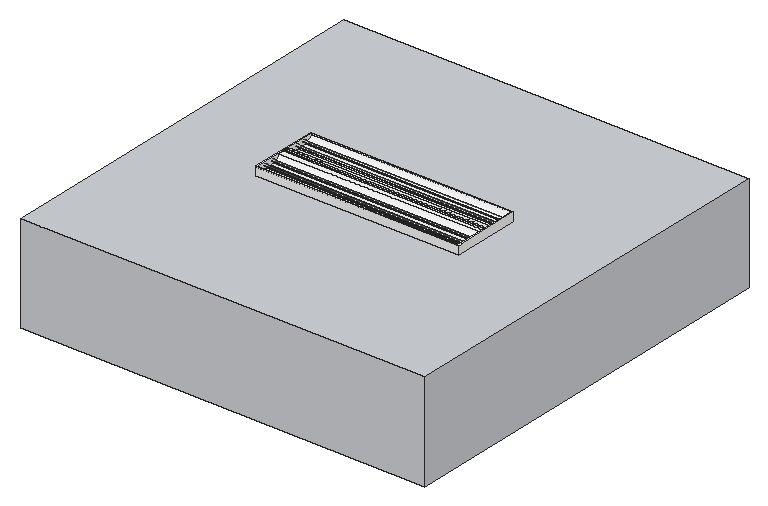
Revit family "LHV4", category Lighting Fixtures, host Face, Revit 2012
Parameters (values of type "LHV4-854-M4RU")
  Wattage Comments = "235W"
  Wattage = 235 W
  built-in parameter 1150110 = 1 (stored number, unit not read)
  URL = "http://www.columbialighting.com/"
  built-in parameter 1114217 = 1 (stored number, unit not read)
  Tilt Angle = -90.00°
  built-in parameter 1150109 = 1 (stored number, unit not read)
  built-in parameter 1150134 = (empty or 0)
  built-in parameter 1150113 = 1 (stored number, unit not read)
  Product Page URL = "http://www.columbialighting.com/products/lhv"
  Product Documentation Link = "http://www.columbialighting.com/content/products/specs/specs_files/lhv4_4.pdf"
  Photometric Web File = "15188"
  Model = "LHV4"  # constant formula
  Manufacturer Phone = "864-678-1000"  # constant formula
  Manufacturer Fax = "866-898-1065"  # constant formula
  Manufacturer = "Columbia Lighting"  # constant formula
  built-in parameter 1150105 = 1271.6 (stored number, unit not read)
  Lumens = 15980 lm
  built-in parameter 1150115 = 1 (stored number, unit not read)
  built-in parameter 1150137 = (empty or 0)
  built-in parameter 1150139 = (empty or 0)
  built-in parameter 1150112 = 1 (stored number, unit not read)
  built-in parameter 1150114 = 1 (stored number, unit not read)
  Lamp = "F54T5"
  built-in parameter 1150132 = (empty or 0)
  built-in parameter 1150102 = (empty or 0)
  built-in parameter 1150107 = 4450 (stored number, unit not read)
  built-in parameter 1150138 = (empty or 0)
  built-in parameter 1150106 = 12.716 (stored number, unit not read)
  Glass = Glass
  Emit from Line Length = 48.000"
  built-in parameter 1150104 = 6.3174 (stored number, unit not read)
  Dimming Lamp Color Temperature Shift = <None>
  Description = "VersaBay® luminaires are the new industry standard for fluorescent high bay lighting with Advanced Thermal Management, serviceability, and performance that is unrivaled in the marketplace."  # constant formula
  Default Elevation = 48.000"
  Color Filter = 16777215
  built-in parameter 1114218 = 1 (stored number, unit not read)
  Backbox = White
  built-in parameter 1150133 = 10 (stored number, unit not read)
  Apparent Load = 0 VA
Types (26): name | Photometric Web File
  LHV4-432-GWST | "14614"
  LHV4-432-GWU | "14617"
  LHV4-432-M4RST | "14621"
  LHV4-432-M4RU | "14619"
  LHV4-454-GWST | "14630"
  LHV4-454-GWU | "ITL58529"
  LHV4-454-M4RST | "14634"
  LHV4-454-M4RU | "14633"
  LHV4-632-GWST | "14579"
  LHV4-632-GWU | "14564"
  LHV4-632-M4RST | "14578"
  LHV4-632-M4RU | "14573"
  LHV4-632-M4RU-CPWG | "15212"
  LHV4-654-GWST | "ITL58525"
  LHV4-654-GWU | "ITL58526"
  LHV4-654-M4RST | "ITL58527"
  LHV4-654-M4RU | "14541"
  LHV4-654-M4RU-CAWG | "15214"
  LHV4-832-GW | "15127"
  LHV4-832-GWU | "15191"
  LHV4-832-M4R | "15126"
  LHV4-832-M4RU | "15190"
  LHV4-854-GW | "15181"
  LHV4-854-GWU | "15189"
  LHV4-854-M4RST | "15187"
  LHV4-854-M4RU | "15188"
Reference planes (in)
  plane 1 "Center (Front/Back)": y = 0.03999
  plane 2: z = -0.74748
  plane 3 "Center (Left/Right)": x = 0.01104
  plane 4: y = 8.13374
  plane 5: x = -23.98896
  plane 6: y = -8.05376
  plane 7: x = 24.01104
  plane 8: z = 0.58035
  plane 9: x = -23.78896
  plane 10: x = 23.81104
  plane 11: z = 1.25252
  plane 12: z = 0.58035
Forms (in)
  Extrusion 1, solid
    sketch origin (0, 0, 0.06357) x (1, 0, 0) y (0, 1, 0)
      loop
        line (-48, 48) -> (-48, -48) -> (48, -48) -> (48, 48) -> (-48, 48)
    from -0.81105 to -24.06357
  Extrusion 2, solid, material "White" <- "Backbox"
    sketch origin (0.01104, 0.07998, 2.07374) x (0, -1, 0) y (0, 0, -1)
      loop
        line (8.13374, 2.82123) -> (-8.05376, 2.82123) -> (-8.05376, 0.82123) -> (-7.96079, 0.82123)
        arc (-7.96079, 0.82123) -> (-7.27669, 1.75985) -> (-6.25566, 2.31349) r 2.63685
        line (-6.25566, 2.31349) -> (-5.25566, 2.31349)
        arc (-5.25566, 2.31349) -> (-4.95, 2.18743) -> (-4.67456, 2.00451) r 1.69805
        arc (-4.67456, 2.00451) -> (-4.37408, 2.19238) -> (-4.04105, 2.31349) r 1.69098
        line (-4.04105, 2.31349) -> (-3.04105, 2.31349)
        arc (-3.04105, 2.31349) -> (-2.10605, 1.76841) -> (-1.41842, 0.93265) r 3.0688
        line (-1.41842, 0.93265) -> (-0.50403, 0.83736) -> (0.04485, 0.83736) -> (0.58401, 0.83736) -> (1.4984, 0.93265)
        arc (1.4984, 0.93265) -> (2.18603, 1.76841) -> (3.12104, 2.31349) r 3.0688
        line (3.12104, 2.31349) -> (4.12104, 2.31349)
        arc (4.12104, 2.31349) -> (4.45406, 2.19238) -> (4.75454, 2.00451) r 1.69098
        arc (4.75454, 2.00451) -> (5.02998, 2.18743) -> (5.33564, 2.31349) r 1.69805
        line (5.33564, 2.31349) -> (6.33564, 2.31349)
        arc (6.33564, 2.31349) -> (7.35667, 1.75985) -> (8.04077, 0.82123) r 2.63685
        line (8.04077, 0.82123) -> (8.13374, 0.82123) -> (8.13374, 2.82123)
    from -23.8 to 23.8
  Extrusion 3, solid, material "Glass" <- "Glass"
    sketch origin (0.01104, 0.07998, 2.07374) x (0, -1, 0) y (0, 0, -1)
      loop
        circle (-5.76029, 1.49339) r 0.32544
      loop
        circle (-3.55557, 1.49339) r 0.325
      loop
        circle (5.84027, 1.49339) r 0.32544
      loop
        circle (3.63555, 1.49339) r 0.325
    from -23.8 to 23.8
  Extrusion 4, solid, material "White" <- "Backbox"
    sketch origin (0.01104, 0.07998, 2.07374) x (0, -1, 0) y (0, 0, -1)
      loop
        line (8.13374, 2.82123) -> (-8.05376, 2.82123) -> (-8.05376, 0.82123) -> (8.13374, 0.82123) -> (8.13374, 2.82123)
    from 23.8 to 24
  Extrusion 5, solid, material "White" <- "Backbox"
    sketch origin (0.01104, 0.07998, 2.07374) x (0, -1, 0) y (0, 0, 1)
      loop
        line (8.13374, -2.82123) -> (8.13374, -0.82123) -> (-8.05376, -0.82123) -> (-8.05376, -2.82123) -> (8.13374, -2.82123)
    from 23.8 to 24
Cuts and joins
  joined: Extrusion 2, Extrusion 4, Extrusion 5
Dimensions and locks (in)
  locked: plane 4 to plane 1 "Center (Front/Back)" at 8.09375
  locked: plane 6 to plane 1 "Center (Front/Back)" at 8.09375
  locked: plane 5 to plane 3 "Center (Left/Right)" at 24
  locked: plane 7 to plane 3 "Center (Left/Right)" at 24
  locked: Extrusion 3 sketch curve to plane 8 at 0  (x2)
  locked: plane 9 to plane 5 at 0.2
  locked: plane 10 to plane 7 at 0.2
  locked: plane 11 to Extrusion 1 at 2
  locked: Extrusion 3 sketch curve to plane 12 at 0  (x2)
  aligned and locked: plane 2 to Extrusion 1
  aligned and locked: Extrusion 3 to plane 9
  aligned and locked: Extrusion 3 to plane 10
  aligned and locked: Extrusion 4 to plane 7
  aligned and locked: Extrusion 5 to plane 5
  aligned and locked: Extrusion 1 to cut or joined group of Extrusion 2, Extrusion 4, Extrusion 5
  aligned and locked: Extrusion 5 to level
  aligned and locked: Extrusion 2 sketch curve to level
  aligned and locked: Extrusion 2 sketch curve to plane 4
  aligned and locked: Extrusion 2 sketch curve to plane 6
  aligned and locked: plane 11 to Extrusion 2 sketch curve
  aligned and locked: Extrusion 2 sketch curve to plane 11
  aligned and locked: Extrusion 5 to Extrusion 2
  aligned and locked: Extrusion 4 to level
  aligned and locked: Extrusion 4 to Extrusion 2
  aligned and locked: imposter light to plane 1 "Center (Front/Back)"
  aligned and locked: plane 11 to imposter light
  aligned and locked: Extrusion 5 to Extrusion 4
  aligned and locked: plane 6 to Extrusion 5
  aligned and locked: plane 4 to Extrusion 5
  aligned and locked: Extrusion 5 sketch curve to plane 4
  aligned and locked: Extrusion 5 sketch curve to imposter light
  aligned and locked: Extrusion 1 to Extrusion 5 sketch curve
  aligned and locked: Extrusion 5 sketch curve to plane 6
  aligned and locked: Extrusion 1 to Extrusion 2 sketch curve
Connectors (in)
  electrical at (0, 0, -0.74748), driven by "Description", driven by "Apparent Load"
    settings: index 1, voltage 0 V, apparent load 0 VA, apparent load phase1 0 VA, apparent load phase2 0 VA, apparent load phase3 0 VA, power factor 1, load classification "Lighting", number of poles 1, system type 30, power factor state 1, is connector primary yes, connector utility no, sub classification motor no, connector description "VersaBay® luminaires are the new industry standard for fluorescent high bay lighting with Advanced Thermal Management, serviceability, and performance that is unrivaled in the marketplace."
